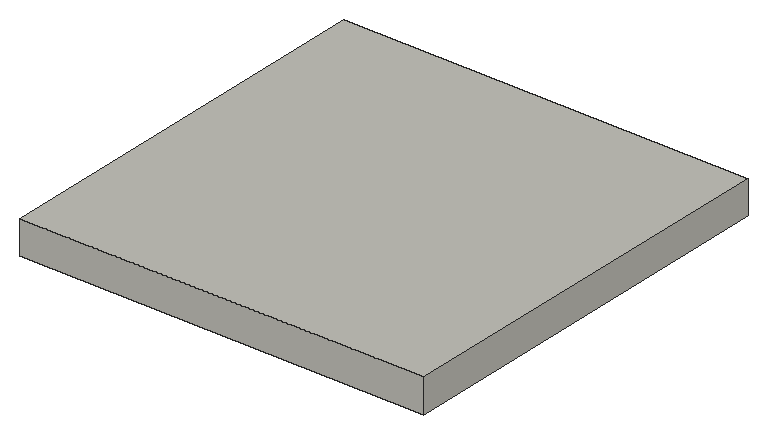
Revit family "Cambio Wall Systems - Acoustic - Fabric 18x18", category Generic Models, host Face, Revit 2023
Family settings
  Host = Face
  Can host rebar = No
  Round Connector Dimension = Use Diameter
  Part Type = Normal
  Cut with Voids When Loaded = No
  Maintain Annotation Orientation = No
  Shared = No
  Room Calculation Point = No
Parameters (values of type "Fabric Color - ZINC")
  Default Elevation = 4' - 0"
  Cambio Material = Cambio Fabric - Zinc
Types (13): name | Cambio Material
  Fabric Color - ZINC | Cambio Fabric - Zinc
  Fabric Color - TAUPE | Cambio Fabric - Taupe
  Fabric Color - STERLING | Cambio Fabric - Sterling
  Fabric Color - SLATE | Cambio Fabric - Sterling
  Fabric Color - SHADOW | Cambio Fabric - Shadow
  Fabric Color - SAND | Cambio Fabric - Sand
  Fabric Color - PEBBLE | Cambio Fabric - Pebble
  Fabric Color - PATINA | Cambio Fabric - Patina
  Fabric Color - NECTAR | Cambio Fabric - Nectar
  Fabric Color - FLINT | Cambio Fabric - Flint
  Fabric Color - FELDSPAR | Cambio Fabric - Feldspar
  Fabric Color - CHARCOAL | Cambio Fabric - Charcoal
  Fabric Color - ALMOND | Cambio Fabric - Almond
Reference planes (in)
  plane 1 "Center (Front/Back)": y = 0
  plane 2: z = 0
  plane 3 "Center (Left/Right)": x = 0
Forms (in)
  Extrusion 1, solid, material "Cambio Fabric - Zinc" <- "Cambio Material"
    sketch origin (0, 0, 0) x (1, 0, 0) y (0, 1, 0)
      loop
        line (-9, 9) -> (-9, -9) -> (9, -9) -> (9, 9) -> (-9, 9)
    from 0 to 1.5
Dimensions and locks (in)
  Extrusion 1 sketch curve to plane 3 "Center (Left/Right)" to Extrusion 1 sketch curve = 0' - 9" locked, 0' - 9" locked
  Extrusion 1 sketch curve to plane 1 "Center (Front/Back)" to Extrusion 1 sketch curve = 0' - 9" locked, 0' - 9" locked
  aligned and locked: plane 2 to host face
  aligned and locked: level to host face
